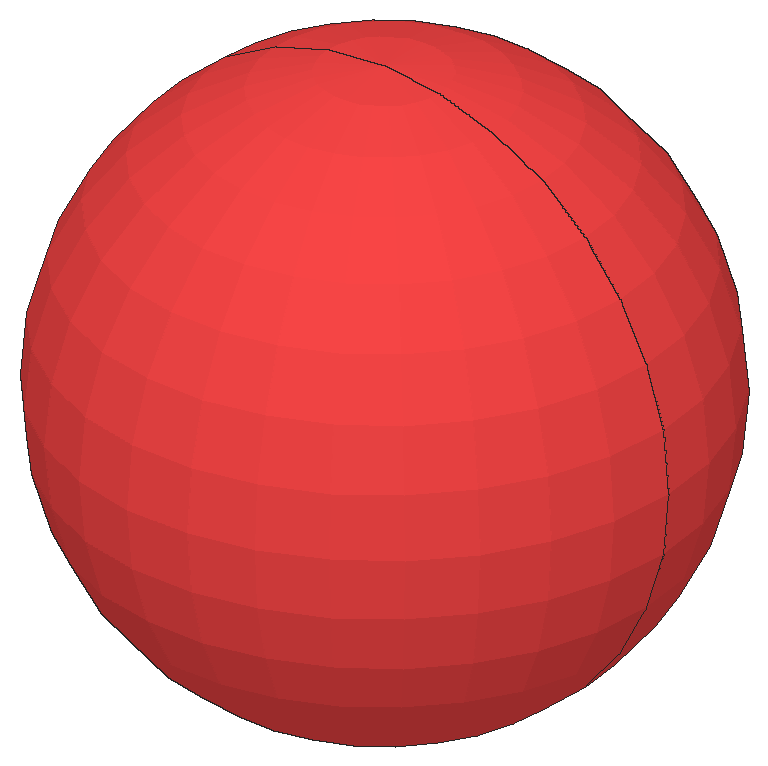
Revit family "Hanger_Anchor_Pt_Generic_Base_Family", category Electrical Fixtures, Revit 2018
Family settings
  Maintain Annotation Orientation = No
  Round Connector Dimension = Use Diameter
  Part Type = Normal
  Work Plane-Based = No
  Always vertical = Yes
  Cut with Voids When Loaded = No
  Shared = No
  Room Calculation Point = No
Parameters
  Radius [instance] = 0' - 0 11/32"  # constant formula
Reference planes (in)
  plane 1 "Center (Front/Back)": y = 0
  plane 2: z = 0
  plane 3 "Center (Left/Right)": x = 0
Forms (in)
  Revolve 1, solid, material "Default New Material"
    sketch origin (0, 0, 0) x (1, 0, 0) y (0, 0, 1)
      loop
        arc (0, 0.34375) -> (-0.34375, 0) -> (0, -0.34375) r 0.34375
        line (0, -0.34375) -> (0, 0.34375)
      axis (0, -0.34375) -> (0, 0.34375)
    angle from 0 to 360
Lines and regions (in)
  symbolic lines, style "Hanger"
    curve 1: line (-3.00347, 0, 0) -> (2.99653, 0, 0)
    curve 2: line (0, 3, 0) -> (0, -3, 0)
    curve 3: circle (-0.00347, 0, 0) r 3 normal (0, 0, 1)
Dimensions and locks (in)
  "Radius": radius of Revolve 1 sketch curve
  aligned and locked: plane 2 to level
Automatic sketch dimensions
  plane 1 "Center (Front/Back)" to curve 1 = 0' - 0"
  plane 1 "Center (Front/Back)" to curve 3 = 0' - 0"
  curve 2 to plane 3 "Center (Left/Right)" = 0' - 0"
  curve 3 to plane 3 "Center (Left/Right)" = 0' - 0.00347"
  plane 1 "Center (Front/Back)" to curve 2 = 0' - 3"
  Revolve 1 sketch curve to plane 3 "Center (Left/Right)" = 0' - 0"
  plane 3 "Center (Left/Right)" to Revolve 1 sketch curve = 0' - 0"
  Revolve 1 sketch curve to level = 0' - 0"
  Revolve 1 sketch curve to Revolve 1 sketch curve = 1' - 11.6574"
  Revolve 1 sketch curve to Revolve 1 sketch curve = 8' - 6.37622"
